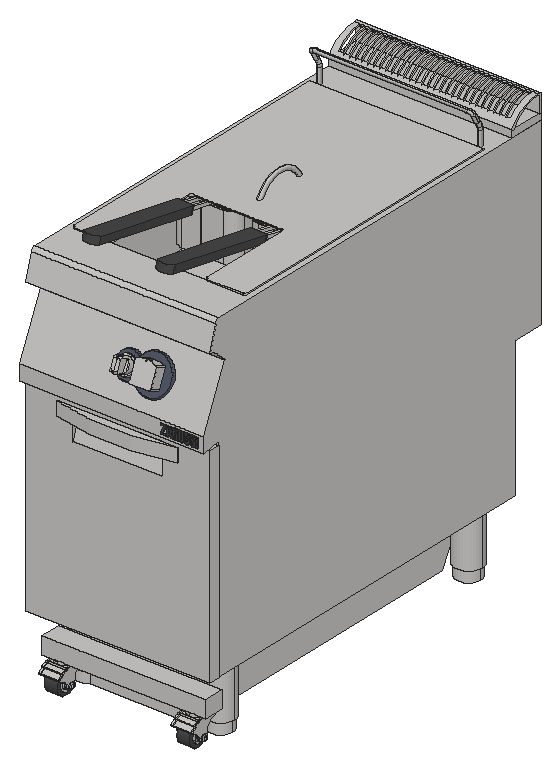
Revit family "QF_ZANUSSI_392331_Z9KKGABAMCA", category Specialty Equipment, Revit 2018
Family settings
  Round Connector Dimension = Use Diameter
  Part Type = Normal
  Work Plane-Based = No
  Always vertical = Yes
  Cut with Voids When Loaded = No
  Shared = No
  Room Calculation Point = No
Parameters
  Width = 400 mm  # constant formula
  Weight in Pounds = 86  # constant formula
  Weight = 0.00 kg
  Watts = 18000 W  # constant formula
  Volts = 400 V  # constant formula
  URL Manufacturer = "http://www.zanussiprofessional.com"
  URL Cutsheet = "www.electrolux.com/foodservice"
  URL = "http://www.zanussiprofessional.com"
  Type Mark [instance] = ""
  Steam Supply Size = 0"
  Steam Supply Minimum Pressure = 0.00 psi
  Steam Supply Maximum Pressure = 0.00 psi
  Steam Pounds per Hour = 0
  Status [instance] = ""
  Specification by User [instance] = ""
  Specification by Manufacturer = ""
  Show Logo [instance] = yes
  Show Clearance [instance] = yes
  Serial Number = ""
  Seismic Rating = ""
  SMACNA No = ""
  Revision Code [instance] = ""
  Refrigeration Suction Line Size = 0"
  Refrigeration Liquid Line Size = 0"
  Refrigerant Compressor Remote = yes
  Phase = 3
  Omniclass Number and Title = ""
  Number of Poles [instance] = 1
  NAFEM Spec ID Number = ""
  Model = "Z9KKGABAMCA"
  Min Ckt Ampacity = 0 A
  Max Overcurrent Protection = 0 A
  Masterspec = ""
  Manufacturer = "Zanussi"
  Length Actual = 400 mm  # constant formula
  Item Number [instance] = "392331"
  Installed By [instance] = ""
  Identify Quantity as Lot [instance] = yes
  Hot Water Size = 0"
  Height Actual = 850 mm  # constant formula
  Height = 851 mm  # constant formula
  HP = "0 HP"
  Gas Size = 1/2"
  Gas KW = 21
  Gas Input Pressure = 0.672036 Btu/h
  Furnished By [instance] = ""
  Foodservice Equipment Identifier [instance] = yes
  FL Amps = if(Phase = 3, Watts / (Volts * 1.73), Watts / Volts)  # 26.0116 A
  Electrical Remarks [instance] = "400 V/3N ph/50/60 Hz"  # constant formula
  Electric Connection Type [instance] = ""
  Elec Conn RI Height [instance] = 0 mm
  Elec Conn Connection Height [instance] = 0 mm
  Direct Waste Size = 0"
  Description = "23LT GAS FRYER-1 WELL+2 1/2 BASKETS"
  Depth Actual = 900 mm  # constant formula
  Depth = 915 mm  # constant formula
  Cycle [instance] = if([60 Hertz Option], 60 Hz, 50 Hz)  # 60 Hz
  Conn Plug = ""
  Conn Conduit = yes
  Condensate Return Size = 0"
  Compressed Air Volume = 0 GPM
  Compressed Air Size = 0"
  Compressed Air Pressure = 0.00 psi
  Cold Water Size = 0"
  CSI MasterFormat = ""
  CSI Master Format = ""
  Base Height [instance] = 150 mm  # constant formula
  Apparent Power = if(Phase = 3, Volts * FL Amps * 1.73, Volts * FL Amps)  # 18000 VA
  Accessory = yes
  60 Hertz Option [instance] = not([50 Hertz Option])  # yes
  50 Hertz Option [instance] = no
Reference planes
  plane 1 "BACK": y = 0
  plane 2: z = 0
  plane 3 "LEFT": x = 0
  plane 4 "RIGHT": x = 400
  plane 5 "FRONT": y = -915
  plane 6 "TOP": z = 908
  plane 7 "Center Y": x = 200
  plane 8 "Center X": y = -457.5
  plane 9 "BASE": z = 601.763
  plane 10 "TOP A": z = 851
  plane 11 "feet": z = 150
  plane 12: y = -126
  plane 13: y = -800
  plane 14: x = 344
  plane 15: x = 56
  plane 16: x = 344
  plane 17: z = 916
  plane 18: z = 931
  plane 19: y = -1273
  plane 20: x = 355
  plane 21: y = -1610
  plane 22: z = 1200
  plane 23 "PANEL": through (-6096, -858.173, 760.156) normal (0, -0.9084, 0.4181)
Forms (mm)
  Extrusion 1, solid, material "QF_Finishes_Stainless Steel"
    sketch origin (0, 0, 0) x (0, 1, 0) y (0, 0, 1)
      loop
        line (0, 850.117) -> (-874.56, 850.117)
        arc (-874.56, 850.117) -> (-880.529, 848.14) -> (-884.138, 842.99) r 10
        line (-884.138, 842.99) -> (-900, 790.117) -> (-888.134, 790.117) -> (-858.173, 760.156) -> (-915, 636.69) -> (-915, 603.553) -> (-873.773, 609.463) -> (-873.773, 150) -> (-70, 150) -> (-70, 451.763) -> (0, 451.763) -> (0, 850.117)
    from 0 to 400
  Extrusion 2, void
    sketch origin (0, 0, 851) x (-1, 0, 0) y (0, -1, 0)
      loop
        line (-33.338, 141.304) -> (-33.338, 787.143) -> (-366.662, 787.143) -> (-366.662, 141.304) -> (-33.338, 141.304)
    from 0 to -152.4
  Extrusion 3, solid, material "QF_Finishes_Stainless Steel"
    sketch origin (0, 0, 851) x (-1, 0, 0) y (0, -1, 0)
      loop
        arc (-11.548, 780.793) -> (-13.408, 785.283) -> (-17.898, 787.143) r 6.35
        line (-17.898, 787.143) -> (-90.863, 787.143)
        arc (-90.863, 787.143) -> (-95.353, 785.283) -> (-97.213, 780.793) r 6.35
        line (-97.213, 780.793) -> (-97.213, 579.046)
        arc (-97.213, 579.046) -> (-99.072, 574.555) -> (-103.563, 572.696) r 6.35
        line (-103.563, 572.696) -> (-293.937, 572.696)
        arc (-293.937, 572.696) -> (-298.428, 574.555) -> (-300.287, 579.046) r 6.35
        line (-300.287, 579.046) -> (-300.287, 780.818)
        arc (-300.287, 780.818) -> (-302.14, 785.291) -> (-306.612, 787.143) r 6.325
        line (-306.612, 787.143) -> (-382.102, 787.143)
        arc (-382.102, 787.143) -> (-386.592, 785.283) -> (-388.452, 780.793) r 6.35
        line (-388.452, 780.793) -> (-388.452, 141.304) -> (-11.548, 141.304) -> (-11.548, 780.793)
    from 0 to 2.574
  Sweep 4, solid, material "QF_Finishes_Stainless Steel"
    path origin (200, 10.469, 0) x (0, 1, 0) y (0, 0, 1)
      loop
        arc (-415.761, 851) -> (-470.2, 884.779) -> (-524.639, 851) r 60.757
    profile origin (200, -459.731, 884.779) x (0, 0, -1) y (1, 0, 0)
      loop
        circle (0, 0) r 4.353
  Extrusion 5, solid, material "QF_Clearances", visible <- "Show Clearance", detail levels coarse
    sketch origin (0, 0, 0) x (1, 0, 0) y (0, 1, 0)
      loop
        line (0, -915) -> (0, 0) -> (400, 0) -> (400, -915) -> (502.019, -915) -> (502.019, 50) -> (-102.019, 50) -> (-102.019, -915) -> (0, -915)
    from 0 to 1200
  Revolve 6, solid, material "QF_Finishes_Stainless Steel"
    sketch origin (0, -126, 608.09) x (0, 0, 1) y (-1, 0, 0)
      loop
        line (-608.09, -56) -> (-458.09, -56) -> (-458.09, -26) -> (-583.09, -26) -> (-583.09, -29.75) -> (-608.09, -29.75) -> (-608.09, -56)
      axis (-608.09, -56) -> (-458.09, -56)
    angle from 0 to 360
  Revolve 7, solid, material "QF_Finishes_Stainless Steel"
    sketch origin (400.05, -126, 608.09) x (0, 0, 1) y (-1, 0, 0)
      loop
        line (-608.09, 56.05) -> (-608.09, 29.8) -> (-583.09, 29.8) -> (-583.09, 26.05) -> (-458.09, 26.05) -> (-458.09, 56.05) -> (-608.09, 56.05)
      axis (-608.09, 56.05) -> (-458.09, 56.05)
    angle from 0 to 360
  Revolve 8, solid, material "QF_Finishes_Stainless Steel"
    sketch origin (400.05, -800, 608.09) x (0, 0, 1) y (-1, 0, 0)
      loop
        line (-608.09, 56.05) -> (-608.09, 29.8) -> (-583.09, 29.8) -> (-583.09, 26.05) -> (-458.09, 26.05) -> (-458.09, 56.05) -> (-608.09, 56.05)
      axis (-608.09, 56.05) -> (-458.09, 56.05)
    angle from 0 to 360
  Extrusion 9, solid, material "QF_Finishes_Stainless Steel"
    sketch origin (200, -0.111, 0) x (0, 1, 0) y (0, 0, 1)
      loop
        line (-76.889, 865) -> (-76.889, 851) -> (0, 851) -> (0, 865) -> (-76.889, 865)
    from -200 to 200
  Revolve 10, solid, material "QF_Finishes_Stainless Steel"
    sketch origin (0, -800, 608.09) x (0, 0, 1) y (1, 0, 0)
      loop
        line (-608.09, 56) -> (-608.09, 29.75) -> (-583.09, 29.75) -> (-583.09, 26) -> (-458.09, 26) -> (-458.09, 56) -> (-608.09, 56)
      axis (-608.09, 56) -> (-458.09, 56)
    angle from 0 to 360
  Extrusion 11, solid, material "QF_Finishes_Stainless Steel"
    sketch origin (185.958, 109.846, 107.43) x (0, 0.984808, 0.173648) y (0, -0.173648, 0.984808)
      loop
        line (-545.054, 741.794) -> (-527.127, 843.462) -> (-591.04, 868.375) -> (-593.346, 862.459) -> (-534.285, 839.437) -> (-551.308, 742.897) -> (-545.054, 741.794)
    from -80.476 to -74.619
  Extrusion 12, solid, material "QF_Finishes_Mesh"
    sketch origin (-5.005, -64.779, 844.25) x (-1, 0, 0) y (0, -1, 0)
      loop
        arc (-76.6, 120.481) -> (-58.64, 127.92) -> (-51.2, 145.881) r 25.4
        line (-51.2, 145.881) -> (-51.2, 473.61)
        arc (-51.2, 473.61) -> (-58.64, 491.571) -> (-76.6, 499.01) r 25.4
        line (-76.6, 499.01) -> (-166.875, 499.01)
        arc (-166.875, 499.01) -> (-184.836, 491.571) -> (-192.275, 473.61) r 25.4
        line (-192.275, 473.61) -> (-192.275, 145.881)
        arc (-192.275, 145.881) -> (-184.836, 127.92) -> (-166.875, 120.481) r 25.4
        line (-166.875, 120.481) -> (-76.6, 120.481)
      loop
        arc (-76.6, 123.656) -> (-60.885, 130.165) -> (-54.375, 145.881) r 22.225
        line (-54.375, 145.881) -> (-54.375, 473.61)
        arc (-54.375, 473.61) -> (-60.885, 489.326) -> (-76.6, 495.835) r 22.225
        line (-76.6, 495.835) -> (-166.875, 495.835)
        arc (-166.875, 495.835) -> (-182.591, 489.326) -> (-189.1, 473.61) r 22.225
        line (-189.1, 473.61) -> (-189.1, 145.881)
        arc (-189.1, 145.881) -> (-182.591, 130.165) -> (-166.875, 123.656) r 22.225
        line (-166.875, 123.656) -> (-76.6, 123.656)
    from -109 to -5.315
  Extrusion 13, solid, material "QF_Finishes_Black"
    sketch origin (54.033, -828.725, 906.181) x (0, 0.980628, -0.195878) y (-1, 0, 0)
      loop
        arc (-40.26, -47.345) -> (-50.487, -65.962) -> (-40.26, -84.58) r 22.059
        line (-40.26, -84.58) -> (214.638, -84.58)
        arc (214.638, -84.58) -> (217.113, -83.554) -> (218.138, -81.08) r 3.5
        line (218.138, -81.08) -> (218.138, -50.854)
        arc (218.138, -50.854) -> (217.11, -48.372) -> (214.629, -47.345) r 3.509
        line (214.629, -47.345) -> (-40.26, -47.345)
    from -15.884 to 0
  Extrusion 14, solid, material "QF_Finishes_Stainless Steel"
    sketch origin (209.153, 109.846, 107.43) x (0, 0.984808, 0.173648) y (0, -0.173648, 0.984808)
      loop
        line (-545.054, 741.794) -> (-527.127, 843.462) -> (-591.04, 868.375) -> (-593.346, 862.459) -> (-534.285, 839.437) -> (-551.308, 742.897) -> (-545.054, 741.794)
    from -80.476 to -74.619
  Extrusion 15, solid, material "QF_Finishes_Stainless Steel"
    sketch origin (214.042, 109.846, 107.43) x (0, 0.984808, 0.173648) y (0, 0.173648, -0.984808)
      loop
        line (-545.054, -741.794) -> (-551.308, -742.897) -> (-534.285, -839.437) -> (-593.346, -862.459) -> (-591.04, -868.375) -> (-527.127, -843.462) -> (-545.054, -741.794)
    from -80.476 to -74.619
  Extrusion 16, solid, material "QF_Finishes_Mesh"
    sketch origin (405.005, -64.779, 844.25) x (1, 0, 0) y (0, 1, 0)
      loop
        line (-76.6, -120.481) -> (-166.875, -120.481)
        arc (-166.875, -120.481) -> (-184.836, -127.92) -> (-192.275, -145.881) r 25.4
        line (-192.275, -145.881) -> (-192.275, -473.61)
        arc (-192.275, -473.61) -> (-184.836, -491.571) -> (-166.875, -499.01) r 25.4
        line (-166.875, -499.01) -> (-76.6, -499.01)
        arc (-76.6, -499.01) -> (-58.64, -491.571) -> (-51.2, -473.61) r 25.4
        line (-51.2, -473.61) -> (-51.2, -145.881)
        arc (-51.2, -145.881) -> (-58.64, -127.92) -> (-76.6, -120.481) r 25.4
      loop
        line (-76.6, -123.656) -> (-166.875, -123.656)
        arc (-166.875, -123.656) -> (-182.591, -130.165) -> (-189.1, -145.881) r 22.225
        line (-189.1, -145.881) -> (-189.1, -473.61)
        arc (-189.1, -473.61) -> (-182.591, -489.326) -> (-166.875, -495.835) r 22.225
        line (-166.875, -495.835) -> (-76.6, -495.835)
        arc (-76.6, -495.835) -> (-60.885, -489.326) -> (-54.375, -473.61) r 22.225
        line (-54.375, -473.61) -> (-54.375, -145.881)
        arc (-54.375, -145.881) -> (-60.885, -130.165) -> (-76.6, -123.656) r 22.225
    from -109 to -5.315
  Extrusion 17, solid, material "QF_Finishes_Stainless Steel"
    sketch origin (190.847, 109.846, 107.43) x (0, 0.984808, 0.173648) y (0, 0.173648, -0.984808)
      loop
        line (-545.054, -741.794) -> (-551.308, -742.897) -> (-534.285, -839.437) -> (-593.346, -862.459) -> (-591.04, -868.375) -> (-527.127, -843.462) -> (-545.054, -741.794)
    from -80.476 to -74.619
  Extrusion 18, solid, material "QF_Finishes_Stainless Steel"
    sketch origin (0, 0, 0) x (0, 1, 0) y (0, 0, 1)
      loop
        line (-80, 150) -> (-835.361, 150) -> (-835.361, 10) -> (-157.603, 10) -> (-80, 150)
    from 89.649 to 310.351
  Extrusion 19, solid, material "QF_Finishes_Black"
    sketch origin (345.967, -828.725, 906.181) x (0, 0.980628, -0.195878) y (-1, 0, 0)
      loop
        line (-40.26, 47.345) -> (214.629, 47.345)
        arc (214.629, 47.345) -> (217.11, 48.372) -> (218.138, 50.854) r 3.509
        line (218.138, 50.854) -> (218.138, 81.08)
        arc (218.138, 81.08) -> (217.113, 83.554) -> (214.638, 84.58) r 3.5
        line (214.638, 84.58) -> (-40.26, 84.58)
        arc (-40.26, 84.58) -> (-50.487, 65.962) -> (-40.26, 47.345) r 22.059
    from -15.884 to 0
  Extrusion 20, solid, material "QF_Clearances", visible <- "Show Clearance", detail levels coarse
    sketch origin (0, 0, 851) x (-1, 0, 0) y (0, -1, 0)
      loop
        line (-19.859, 835.361) -> (-19.859, 1610) -> (-375.922, 1610) -> (-375.922, 835.361) -> (-19.859, 835.361)
    from -841 to -701
  Extrusion 21, solid, material "QF_Finishes_Stainless Steel"
    sketch origin (0, 0, 0) x (0, 1, 0) y (0, 0, 1)
      loop
        line (-835.361, 100) -> (-880.361, 100) -> (-880.361, 63.5) -> (-835.361, 63.5) -> (-835.361, 100)
    from 19.859 to 375.922
  Extrusion 22, void
    sketch origin (0, 0, 851) x (-1, 0, 0) y (0, -1, 0)
      loop
        line (-26, 11.066) -> (-26, 66.066) -> (-36, 66.066) -> (-36, 11.066) -> (-26, 11.066)
      loop
        line (-13, 11.066) -> (-13, 66.066) -> (-23, 66.066) -> (-23, 11.066) -> (-13, 11.066)
      loop
        line (-39, 11.066) -> (-39, 66.066) -> (-49, 66.066) -> (-49, 11.066) -> (-39, 11.066)
      loop
        line (-52, 11.066) -> (-52, 66.066) -> (-62, 66.066) -> (-62, 11.066) -> (-52, 11.066)
      loop
        line (-65, 11.066) -> (-65, 66.066) -> (-75, 66.066) -> (-75, 11.066) -> (-65, 11.066)
      loop
        line (-78, 11.066) -> (-78, 66.066) -> (-88, 66.066) -> (-88, 11.066) -> (-78, 11.066)
      loop
        line (-91, 11.066) -> (-91, 66.066) -> (-101, 66.066) -> (-101, 11.066) -> (-91, 11.066)
      loop
        line (-104, 11.066) -> (-104, 66.066) -> (-114, 66.066) -> (-114, 11.066) -> (-104, 11.066)
      loop
        line (-117, 11.066) -> (-117, 66.066) -> (-127, 66.066) -> (-127, 11.066) -> (-117, 11.066)
      loop
        line (-130, 11.066) -> (-130, 66.066) -> (-140, 66.066) -> (-140, 11.066) -> (-130, 11.066)
      loop
        line (-143, 11.066) -> (-143, 66.066) -> (-153, 66.066) -> (-153, 11.066) -> (-143, 11.066)
      loop
        line (-156, 11.066) -> (-156, 66.066) -> (-166, 66.066) -> (-166, 11.066) -> (-156, 11.066)
      loop
        line (-169, 11.066) -> (-169, 66.066) -> (-179, 66.066) -> (-179, 11.066) -> (-169, 11.066)
      loop
        line (-182, 11.066) -> (-182, 66.066) -> (-192, 66.066) -> (-192, 11.066) -> (-182, 11.066)
      loop
        line (-195, 11.066) -> (-195, 66.066) -> (-205, 66.066) -> (-205, 11.066) -> (-195, 11.066)
      loop
        line (-208, 11.066) -> (-208, 66.066) -> (-218, 66.066) -> (-218, 11.066) -> (-208, 11.066)
      loop
        line (-221, 11.066) -> (-221, 66.066) -> (-231, 66.066) -> (-231, 11.066) -> (-221, 11.066)
      loop
        line (-234, 11.066) -> (-234, 66.066) -> (-244, 66.066) -> (-244, 11.066) -> (-234, 11.066)
      loop
        line (-247, 11.066) -> (-247, 66.066) -> (-257, 66.066) -> (-257, 11.066) -> (-247, 11.066)
      loop
        line (-260, 11.066) -> (-260, 66.066) -> (-270, 66.066) -> (-270, 11.066) -> (-260, 11.066)
      loop
        line (-273, 11.066) -> (-273, 66.066) -> (-283, 66.066) -> (-283, 11.066) -> (-273, 11.066)
      loop
        line (-286, 11.066) -> (-286, 66.066) -> (-296, 66.066) -> (-296, 11.066) -> (-286, 11.066)
      loop
        line (-299, 11.066) -> (-299, 66.066) -> (-309, 66.066) -> (-309, 11.066) -> (-299, 11.066)
      loop
        line (-312, 11.066) -> (-312, 66.066) -> (-322, 66.066) -> (-322, 11.066) -> (-312, 11.066)
      loop
        line (-325, 11.066) -> (-325, 66.066) -> (-335, 66.066) -> (-335, 11.066) -> (-325, 11.066)
      loop
        line (-338, 11.066) -> (-338, 66.066) -> (-348, 66.066) -> (-348, 11.066) -> (-338, 11.066)
      loop
        line (-351, 11.066) -> (-351, 66.066) -> (-361, 66.066) -> (-361, 11.066) -> (-351, 11.066)
      loop
        line (-364, 11.066) -> (-364, 66.066) -> (-374, 66.066) -> (-374, 11.066) -> (-364, 11.066)
      loop
        line (-377, 11.066) -> (-377, 66.066) -> (-387, 66.066) -> (-387, 11.066) -> (-377, 11.066)
    from 14 to 57
  Extrusion 23, solid, material "QF_Finishes_Black"
    sketch origin (0, -915, -3.664) x (1, 0, 0) y (0, 0, 1)
      loop
        spline (366.548, 633.796) -> (365.936, 634.02) -> (365.304, 634.185) -> (364.657, 634.291) -> (364.003, 634.339) -> (363.347, 634.326) -> (362.695, 634.254) -> (362.054, 634.121) -> (361.429, 633.927) -> (360.828, 633.672) -> (360.255, 633.354) -> (359.717, 632.975) -> (359.221, 632.533)
        spline (359.221, 632.533) -> (358.926, 632.07) -> (358.673, 631.573) -> (358.461, 631.048) -> (358.29, 630.502) -> (358.159, 629.941) -> (358.068, 629.374) -> (358.017, 628.807) -> (358.004, 628.246) -> (358.03, 627.7) -> (358.095, 627.175) -> (358.197, 626.678) -> (358.336, 626.216)
        line (358.336, 626.216) -> (360.358, 623.31) -> (362.506, 621.415)
        spline (362.506, 621.415) -> (362.731, 621.228) -> (362.965, 621.043) -> (363.204, 620.858) -> (363.446, 620.671) -> (363.688, 620.478) -> (363.927, 620.278) -> (364.161, 620.067) -> (364.386, 619.843) -> (364.602, 619.603) -> (364.804, 619.344) -> (364.991, 619.065) -> (365.159, 618.762)
        spline (365.159, 618.762) -> (365.19, 618.567) -> (365.218, 618.365) -> (365.24, 618.156) -> (365.252, 617.943) -> (365.253, 617.728) -> (365.238, 617.514) -> (365.204, 617.303) -> (365.149, 617.096) -> (365.07, 616.896) -> (364.963, 616.706) -> (364.825, 616.527) -> (364.653, 616.361)
        line (364.653, 616.361) -> (363.011, 616.235)
        spline (363.011, 616.235) -> (362.704, 616.445) -> (362.472, 616.691) -> (362.304, 616.967) -> (362.192, 617.269) -> (362.125, 617.59) -> (362.095, 617.925) -> (362.091, 618.267) -> (362.103, 618.612) -> (362.123, 618.953) -> (362.139, 619.285) -> (362.144, 619.602) -> (362.127, 619.899)
        line (362.127, 619.899) -> (357.705, 619.899)
        spline (357.705, 619.899) -> (357.652, 619.362) -> (357.623, 618.827) -> (357.618, 618.296) -> (357.639, 617.77) -> (357.689, 617.251) -> (357.768, 616.741) -> (357.879, 616.241) -> (358.023, 615.753) -> (358.202, 615.28) -> (358.418, 614.822) -> (358.673, 614.382) -> (358.968, 613.961)
        spline (358.968, 613.961) -> (359.331, 613.632) -> (359.722, 613.339) -> (360.139, 613.083) -> (360.578, 612.862) -> (361.036, 612.675) -> (361.511, 612.524) -> (361.998, 612.407) -> (362.496, 612.323) -> (363.001, 612.273) -> (363.51, 612.256) -> (364.019, 612.271) -> (364.527, 612.319)
        spline (364.527, 612.319) -> (365.063, 612.403) -> (365.594, 612.528) -> (366.116, 612.694) -> (366.623, 612.899) -> (367.111, 613.143) -> (367.575, 613.424) -> (368.009, 613.742) -> (368.41, 614.097) -> (368.773, 614.486) -> (369.092, 614.91) -> (369.363, 615.367) -> (369.58, 615.856)
        spline (369.58, 615.856) -> (369.715, 616.458) -> (369.803, 617.063) -> (369.845, 617.666) -> (369.842, 618.266) -> (369.796, 618.859) -> (369.707, 619.441) -> (369.575, 620.01) -> (369.403, 620.563) -> (369.189, 621.097) -> (368.937, 621.609) -> (368.646, 622.095) -> (368.317, 622.552)
        line (368.317, 622.552) -> (363.263, 627.1) -> (362.632, 627.858)
        spline (362.632, 627.858) -> (362.567, 628.019) -> (362.499, 628.183) -> (362.432, 628.352) -> (362.37, 628.523) -> (362.314, 628.695) -> (362.269, 628.869) -> (362.236, 629.042) -> (362.22, 629.215) -> (362.223, 629.386) -> (362.249, 629.554) -> (362.3, 629.719) -> (362.379, 629.879)
        spline (362.379, 629.879) -> (362.452, 630.027) -> (362.544, 630.155) -> (362.652, 630.264) -> (362.772, 630.357) -> (362.903, 630.433) -> (363.042, 630.495) -> (363.187, 630.544) -> (363.334, 630.581) -> (363.481, 630.608) -> (363.625, 630.625) -> (363.764, 630.635) -> (363.895, 630.638)
        line (363.895, 630.638) -> (365.159, 629.753) -> (365.285, 627.1) -> (369.454, 627.1)
        spline (369.454, 627.1) -> (369.459, 627.452) -> (369.47, 627.813) -> (369.486, 628.18) -> (369.501, 628.551) -> (369.512, 628.923) -> (369.517, 629.295) -> (369.511, 629.665) -> (369.491, 630.029) -> (369.454, 630.387) -> (369.395, 630.735) -> (369.312, 631.072) -> (369.201, 631.395)
        spline (369.201, 631.395) -> (369.089, 631.648) -> (368.943, 631.898) -> (368.769, 632.144) -> (368.57, 632.383) -> (368.349, 632.613) -> (368.112, 632.833) -> (367.861, 633.039) -> (367.601, 633.23) -> (367.336, 633.403) -> (367.069, 633.557) -> (366.805, 633.688) -> (366.548, 633.796)
      loop
        spline (381.709, 631.522) -> (381.36, 632.088) -> (380.949, 632.587) -> (380.485, 633.02) -> (379.973, 633.389) -> (379.42, 633.694) -> (378.834, 633.938) -> (378.222, 634.121) -> (377.591, 634.245) -> (376.947, 634.311) -> (376.298, 634.321) -> (375.651, 634.275) -> (375.013, 634.175)
        spline (375.013, 634.175) -> (374.569, 634.091) -> (374.126, 633.967) -> (373.688, 633.804) -> (373.263, 633.604) -> (372.855, 633.369) -> (372.47, 633.101) -> (372.115, 632.801) -> (371.794, 632.472) -> (371.513, 632.114) -> (371.278, 631.73) -> (371.095, 631.322) -> (370.97, 630.89)
        spline (370.97, 630.89) -> (370.775, 630.315) -> (370.633, 629.728) -> (370.544, 629.135) -> (370.507, 628.541) -> (370.523, 627.951) -> (370.591, 627.369) -> (370.712, 626.8) -> (370.886, 626.248) -> (371.112, 625.72) -> (371.391, 625.22) -> (371.723, 624.751) -> (372.107, 624.321)
        line (372.107, 624.321) -> (376.782, 620.152) -> (377.792, 618.636)
        spline (377.792, 618.636) -> (377.823, 618.444) -> (377.852, 618.248) -> (377.875, 618.049) -> (377.89, 617.849) -> (377.895, 617.65) -> (377.887, 617.451) -> (377.863, 617.255) -> (377.82, 617.063) -> (377.757, 616.877) -> (377.669, 616.697) -> (377.556, 616.524) -> (377.413, 616.361)
        line (377.413, 616.361) -> (376.15, 616.109)
        spline (376.15, 616.109) -> (375.703, 616.215) -> (375.362, 616.399) -> (375.115, 616.65) -> (374.947, 616.956) -> (374.844, 617.306) -> (374.792, 617.688) -> (374.776, 618.091) -> (374.783, 618.504) -> (374.8, 618.916) -> (374.81, 619.314) -> (374.802, 619.688) -> (374.76, 620.025)
        line (374.76, 620.025) -> (370.338, 619.899)
        spline (370.338, 619.899) -> (370.284, 619.355) -> (370.249, 618.8) -> (370.24, 618.239) -> (370.259, 617.676) -> (370.311, 617.117) -> (370.402, 616.567) -> (370.534, 616.029) -> (370.713, 615.51) -> (370.942, 615.013) -> (371.227, 614.544) -> (371.572, 614.108) -> (371.981, 613.708)
        spline (371.981, 613.708) -> (372.504, 613.327) -> (373.058, 613.002) -> (373.639, 612.735) -> (374.241, 612.525) -> (374.858, 612.37) -> (375.486, 612.271) -> (376.12, 612.228) -> (376.753, 612.239) -> (377.382, 612.305) -> (377.999, 612.425) -> (378.601, 612.598) -> (379.182, 612.824)
        spline (379.182, 612.824) -> (379.437, 612.932) -> (379.695, 613.064) -> (379.954, 613.219) -> (380.211, 613.395) -> (380.465, 613.59) -> (380.714, 613.803) -> (380.954, 614.032) -> (381.185, 614.275) -> (381.403, 614.53) -> (381.606, 614.795) -> (381.793, 615.069) -> (381.961, 615.351)
        spline (381.961, 615.351) -> (382.185, 615.958) -> (382.351, 616.578) -> (382.459, 617.206) -> (382.509, 617.84) -> (382.501, 618.476) -> (382.435, 619.109) -> (382.311, 619.738) -> (382.13, 620.357) -> (381.89, 620.965) -> (381.593, 621.556) -> (381.237, 622.129) -> (380.824, 622.678)
        line (380.824, 622.678) -> (375.518, 627.479) -> (374.886, 629.121) -> (375.392, 630.385) -> (376.529, 630.638) -> (377.792, 629.753) -> (377.919, 627.226) -> (382.214, 627.1)
        spline (382.214, 627.1) -> (382.192, 627.481) -> (382.185, 627.866) -> (382.188, 628.253) -> (382.195, 628.64) -> (382.2, 629.024) -> (382.198, 629.406) -> (382.183, 629.782) -> (382.148, 630.151) -> (382.09, 630.511) -> (382, 630.861) -> (381.875, 631.198) -> (381.709, 631.522)
      loop
        line (382.972, 612.319) -> (387.394, 612.319) -> (387.394, 633.922) -> (382.972, 633.922) -> (382.972, 612.319)
      loop
        line (349.998, 617.499) -> (349.998, 633.922) -> (345.577, 633.922) -> (345.577, 619.394) -> (345.829, 615.856) -> (346.208, 614.972) -> (347.093, 613.835) -> (347.977, 613.203) -> (349.746, 612.445) -> (350.63, 612.319) -> (352.651, 612.319) -> (353.662, 612.571) -> (355.178, 613.456) -> (356.947, 615.983) -> (357.073, 616.867) -> (357.073, 633.922) -> (352.651, 633.922) -> (352.651, 617.878) -> (352.146, 616.741) -> (350.756, 616.614) -> (349.998, 617.499)
      loop
        line (344.566, 633.922) -> (340.523, 633.922) -> (340.523, 620.152) -> (336.859, 633.922) -> (332.185, 633.922) -> (332.185, 612.319) -> (336.101, 612.319) -> (336.101, 626.595) -> (339.765, 612.319) -> (344.566, 612.319) -> (344.566, 633.922)
      loop
        line (317.656, 633.922) -> (306.665, 633.922) -> (306.665, 629.879) -> (313.688, 630.032) -> (306.16, 614.223) -> (306.16, 612.319) -> (317.656, 612.319) -> (317.656, 616.369) -> (310.842, 616.369) -> (317.656, 630.259) -> (317.656, 633.922)
      loop
        line (327.89, 633.922) -> (321.825, 633.922) -> (317.909, 612.319) -> (322.457, 612.319) -> (323.089, 616.488) -> (326.752, 616.488) -> (327.384, 612.319) -> (331.932, 612.319) -> (327.89, 633.922)
      loop
        line (323.594, 620.404) -> (326.121, 620.404) -> (324.857, 630.23) -> (323.594, 620.404)
    from 0.6 to -1
  Extrusion 24, solid, material "QF_Finishes_Stainless Steel"
    sketch origin (0, 0, 150) x (-1, 0, 0) y (0, -1, 0)
      loop
        circle (-355, 648) r 6.35
    from 0 to -15
  Sweep 25, solid, material "QF_Finishes_Stainless Steel"
    path origin (0, 0.019, -0.883) x (0, 1, 0) y (0, 0, 1)
      loop
        line (-133.218, 851) -> (-133.218, 884.76)
        arc (-133.218, 884.76) -> (-133.779, 889.022) -> (-135.424, 892.993) r 16.466
        line (-135.424, 892.993) -> (-140.718, 902.162)
    profile origin (0, -133.199, 866.997) x (0, -1, 0) y (1, 0, 0)
      loop
        circle (0.001, 25.269) r 3.999
      loop
        circle (0.001, 374.731) r 3.999
  Sweep 26, solid, material "QF_Finishes_Stainless Steel"
    path origin (0, -68.609, 776.414) x (-1, 0, 0) y (0, -0.5, 0.866025)
      loop
        line (-374.731, 144.182) -> (-374.731, 165.819)
        arc (-374.731, 165.819) -> (-372.68, 170.768) -> (-367.731, 172.819) r 7
        line (-367.731, 172.819) -> (-32.269, 172.819)
        arc (-32.269, 172.819) -> (-27.32, 170.768) -> (-25.269, 165.819) r 7
        line (-25.269, 165.819) -> (-25.269, 144.182)
    profile origin (374.731, -146.109, 910.648) x (1, 0, 0) y (0, 0.866025, 0.5)
      loop
        circle (0, 0) r 4
  Extrusion 27, solid, material "QF_Finishes_Stainless Steel"
    sketch origin (200, 0, 0) x (0, 1, 0) y (0, 0, 1)
      loop
        line (-0.111, 865) -> (-0.111, 905) -> (-5.111, 905)
        arc (-5.111, 905) -> (-46.245, 894.327) -> (-77, 865) r 84.601
        line (-77, 865) -> (-73.866, 865)
        arc (-73.866, 865) -> (-43.956, 892.877) -> (-4.342, 902.995) r 82.606
        line (-4.342, 902.995) -> (-2.111, 902.995) -> (-2.111, 865) -> (-0.111, 865)
    from 200 to -200
  Blend 28, solid, material "QF_Finishes_Navy Blue"
    base sketch origin (269.392, -886.587, 698.423) x (1, 0, 0) y (0, 0.418102, 0.9084)
      loop
        arc (-35.05, -24.037) -> (42.5, 0) -> (-35.05, 24.037) r 42.5
        arc (-35.05, 24.037) -> (-83, 0) -> (-35.05, -24.037) r 30
    top sketch origin (269.392, -886.587, 698.423) x (1, 0, 0) y (0, 0.418102, 0.9084)
      loop
        arc (-34.578, -21.086) -> (40.5, 0) -> (-34.578, 21.086) r 40.5
        arc (-34.578, 21.086) -> (-81, 0) -> (-34.578, -21.086) r 28
    from 0 to 5
  Extrusion 29, solid, material "QF_Finishes_Stainless Steel"
    sketch origin (269.392, -886.587, 698.423) x (1, 0, 0) y (0, 0.418102, 0.9084)
      loop
        circle (-55.001, -0.341) r 20
    from 5 to 10
  Revolve 30, solid, material "QF_Finishes_Stainless Steel"
    sketch origin (214.391, -886.587, 698.423) x (0, -0.418102, -0.9084) y (0, -0.9084, 0.418102)
      loop
        line (0.341, 10) -> (16.341, 10) -> (16.341, 37)
        arc (16.341, 37) -> (15.462, 39.121) -> (13.341, 40) r 3
        line (13.341, 40) -> (0.341, 40) -> (0.341, 10)
      axis (0.341, 10) -> (0.341, 40)
    angle from 0 to 360
  Extrusion 31, void
    sketch origin (269.392, -886.587, 698.423) x (1, 0, 0) y (0, -0.9084, 0.418102)
      loop
        line (-62.999, 24.837) -> (-62.999, 40) -> (-71.893, 40) -> (-71.893, 22) -> (-65.835, 22)
        arc (-65.835, 22) -> (-63.827, 22.828) -> (-62.999, 24.837) r 2.827
      loop
        arc (-47.003, 24.837) -> (-46.175, 22.828) -> (-44.167, 22) r 2.827
        line (-44.167, 22) -> (-38.109, 22) -> (-38.109, 40) -> (-47.003, 40) -> (-47.003, 24.837)
    from -20.019 to 20.019
  Extrusion 32, solid, material "QF_Finishes_Stainless Steel"
    sketch origin (269.392, -886.587, 698.423) x (1, 0, 0) y (0, 0.418102, 0.9084)
      loop
        arc (-21.147, 22.789) -> (-22.494, 21.685) -> (-23, 20.019) r 2.997
        line (-23, 20.019) -> (-23, -20.019)
        arc (-23, -20.019) -> (-22.122, -22.138) -> (-20.003, -23.016) r 2.997
        line (-20.003, -23.016) -> (20.003, -23.016)
        arc (20.003, -23.016) -> (22.122, -22.138) -> (23, -20.019) r 2.997
        line (23, -20.019) -> (23, 20.019)
        arc (23, 20.019) -> (22.494, 21.685) -> (21.147, 22.789) r 2.997
        arc (21.147, 22.789) -> (0, 26.984) -> (-21.147, 22.789) r 55.4
    from 10 to 34
  Extrusion 33, solid, material "QF_Plastic-Black-Matte"
    sketch origin (269.392, -886.587, 698.423) x (0, 0.418102, 0.9084) y (0, -0.9084, 0.418102)
      loop
        line (26.984, 34) -> (26.984, 19) -> (27.984, 19) -> (27.984, 34)
        arc (27.984, 34) -> (27.691, 34.707) -> (26.984, 35) r 1
        line (26.984, 35) -> (23.984, 35) -> (23.984, 34) -> (26.984, 34)
    from -1 to 1
  Extrusion 34, solid, material "QF_Plastic-Black-Matte"
    sketch origin (214.391, -886.587, 698.423) x (0, -0.418102, -0.9084) y (0, -0.9084, 0.418102)
      loop
        line (-10.258, 39.984) -> (-10.258, 40.984) -> (-12.874, 40.984)
        arc (-12.874, 40.984) -> (-15.536, 39.882) -> (-16.638, 37.22) r 3.764
        line (-16.638, 37.22) -> (-16.638, 25.027) -> (-15.638, 25.027) -> (-15.638, 37.22)
        arc (-15.638, 37.22) -> (-14.829, 39.175) -> (-12.874, 39.984) r 2.764
        line (-12.874, 39.984) -> (-10.258, 39.984)
    from 1 to -1
  Extrusion 35, solid, material "QF_Finishes_Stainless Steel"
    sketch origin (0, -996.867, 458.82) x (0, 0.418102, 0.9084) y (-1, 0, 0)
      loop
        line (246.264, -286.892) -> (281.264, -286.892) -> (281.264, -251.892) -> (246.264, -251.892) -> (246.264, -286.892)
    from 5 to 10
Cuts and joins
  Extrusion 2, Extrusion 22 cuts Extrusion 1
  Extrusion 22 cuts Extrusion 3
  Extrusion 22 cuts Sweep 4
  Extrusion 22 cuts Extrusion 9
  joined: Extrusion 3, Sweep 4, Extrusion 9
  Extrusion 22, Extrusion 31 cuts Extrusion 5
  Extrusion 22 cuts Extrusion 27
  Extrusion 31 cuts Revolve 30
Lines and regions (mm)
  Split face 1
    outline origin (0, -835.361, 150) x (0, 0, -1) y (1, 0, 0)
      loop
        line (139, 262.382) -> (2, 262.382) -> (2, 91.649) -> (139, 91.649) -> (139, 262.382)
  Split face 2
    outline origin (0, -835.361, 150) x (0, 0, -1) y (1, 0, 0)
      loop
        line (51.412, 139.794) -> (58.912, 124.794) -> (66.412, 139.794) -> (51.412, 139.794)
  Split face 3
    outline origin (269.392, -891.129, 700.514) x (1, 0, 0) y (0, 0.418102, 0.9084)
      loop
        circle (0, 33) r 1
  Split face 4
    outline origin (269.392, -891.129, 700.514) x (1, 0, 0) y (0, 0.418102, 0.9084)
      loop
        circle (-8.541, 31.876) r 1
  Split face 5
    outline origin (269.392, -891.129, 700.514) x (1, 0, 0) y (0, 0.418102, 0.9084)
      loop
        circle (-16.5, 28.579) r 1
  Split face 6
    outline origin (269.392, -891.129, 700.514) x (1, 0, 0) y (0, 0.418102, 0.9084)
      loop
        circle (-23.335, 23.335) r 1
  Split face 7
    outline origin (269.392, -891.129, 700.514) x (1, 0, 0) y (0, 0.418102, 0.9084)
      loop
        circle (-28.579, 16.5) r 1
  Split face 8
    outline origin (269.392, -891.129, 700.514) x (1, 0, 0) y (0, 0.418102, 0.9084)
      loop
        circle (-31.876, 8.541) r 1
  Split face 9
    outline origin (269.392, -891.129, 700.514) x (1, 0, 0) y (0, 0.418102, 0.9084)
      loop
        circle (-33, 0) r 1
  Split face 10
    outline origin (269.392, -891.129, 700.514) x (-1, 0, 0) y (0, 0.418102, 0.9084)
      loop
        circle (-8.541, 31.876) r 1
  Split face 11
    outline origin (269.392, -891.129, 700.514) x (-1, 0, 0) y (0, 0.418102, 0.9084)
      loop
        circle (-16.5, 28.579) r 1
  Split face 12
    outline origin (269.392, -891.129, 700.514) x (-1, 0, 0) y (0, 0.418102, 0.9084)
      loop
        circle (-23.335, 23.335) r 1
  Split face 13
    outline origin (269.392, -891.129, 700.514) x (-1, 0, 0) y (0, 0.418102, 0.9084)
      loop
        circle (-28.579, 16.5) r 1
  Split face 14
    outline origin (269.392, -891.129, 700.514) x (-1, 0, 0) y (0, 0.418102, 0.9084)
      loop
        circle (-31.876, 8.541) r 1
  Split face 15
    outline origin (269.392, -891.129, 700.514) x (1, 0, 0) y (0, -0.418102, -0.9084)
      loop
        circle (0, 33) r 1
  Split face 16
    outline origin (269.392, -891.129, 700.514) x (1, 0, 0) y (0, -0.418102, -0.9084)
      loop
        circle (-8.541, 31.876) r 1
  Split face 17
    outline origin (269.392, -891.129, 700.514) x (1, 0, 0) y (0, -0.418102, -0.9084)
      loop
        circle (-16.5, 28.579) r 1
  Split face 18
    outline origin (269.392, -891.129, 700.514) x (1, 0, 0) y (0, -0.418102, -0.9084)
      loop
        circle (-23.335, 23.335) r 1
  Split face 19
    outline origin (269.392, -891.129, 700.514) x (1, 0, 0) y (0, -0.418102, -0.9084)
      loop
        circle (-28.579, 16.5) r 1
  Split face 20
    outline origin (269.392, -891.129, 700.514) x (1, 0, 0) y (0, -0.418102, -0.9084)
      loop
        circle (-31.876, 8.541) r 1
  Split face 21
    outline origin (269.392, -891.129, 700.514) x (-1, 0, 0) y (0, -0.418102, -0.9084)
      loop
        circle (-8.541, 31.876) r 1
  Split face 22
    outline origin (269.392, -891.129, 700.514) x (-1, 0, 0) y (0, -0.418102, -0.9084)
      loop
        circle (-16.5, 28.579) r 1
  Split face 23
    outline origin (269.392, -891.129, 700.514) x (-1, 0, 0) y (0, -0.418102, -0.9084)
      loop
        circle (-23.335, 23.335) r 1
  Split face 24
    outline origin (269.392, -891.129, 700.514) x (-1, 0, 0) y (0, -0.418102, -0.9084)
      loop
        circle (-28.579, 16.5) r 1
  Split face 25
    outline origin (269.392, -891.129, 700.514) x (-1, 0, 0) y (0, -0.418102, -0.9084)
      loop
        circle (-31.876, 8.541) r 1
  Split face 26
    outline origin (269.392, -891.129, 700.514) x (1, 0, 0) y (0, 0.418102, 0.9084)
      loop
        circle (33, 0) r 1
  Split face 27
    outline origin (269.392, -891.129, 700.514) x (1, 0, 0) y (0, 0.418102, 0.9084)
      loop
        circle (-55.001, 22) r 1.508
  Split face 28
    outline origin (269.392, -891.129, 700.514) x (1, 0, 0) y (0, 0.418102, 0.9084)
      loop
        circle (-77.001, 0) r 1.343
  Split face 29
    outline origin (269.392, -891.129, 700.514) x (1, 0, 0) y (0, 0.418102, 0.9084)
      loop
        line (-56.273, -20.786) -> (-56.273, -25.164) -> (-53.729, -25.164) -> (-53.729, -20.786) -> (-56.273, -20.786)
  symbolic lines, style "QF_Clearances", visible <- "Show Clearance", detail levels coarse
    curve 1: line (-102.019, 50, 851) -> (-102.019, -915, 851)
    curve 2: line (502.019, 50, 851) -> (-102.019, 50, 851)
    curve 3: line (502.019, -915, 851) -> (502.019, 50, 851)
    curve 47: line (89.649, -1550, 851) -> (89.649, -915, 851)
    curve 48: line (19.859, -1610, 851) -> (375.922, -1610, 851)
    curve 49: line (310.351, -1550, 851) -> (310.351, -915, 851)
    curve 51: line (19.859, -1550, 851) -> (375.922, -1550, 851)
    curve 52: line (375.922, -1610, 851) -> (375.922, -1550, 851)
    curve 53: line (19.859, -1550, 851) -> (19.859, -1610, 851)
  symbolic lines
    curve 4: line (0, -900, 851) -> (0, 0, 851)
    curve 5: line (400, 0, 851) -> (400, -900, 851)
    curve 6: line (11.548, -141.304, 851) -> (11.548, -780.849, 851)
    curve 7: arc (11.548, -780.849, 851) -> (13.428, -785.386, 851) -> (17.965, -787.265, 851) r 6.416
    curve 8: line (17.965, -787.265, 851) -> (101.378, -787.265, 851)
    curve 9: arc (90.94, -787.265, 851) -> (95.375, -785.428, 851) -> (97.213, -780.993, 851) r 6.272
    curve 10: line (97.213, -780.993, 851) -> (97.213, -579.046, 851)
    curve 11: arc (97.213, -579.046, 851) -> (99.072, -574.555, 851) -> (103.563, -572.696, 851) r 6.35
    curve 12: line (103.563, -572.696, 851) -> (293.937, -572.696, 851)
    curve 13: arc (293.937, -572.696, 851) -> (298.428, -574.555, 851) -> (300.287, -579.046, 851) r 6.35
    curve 14: line (300.287, -579.046, 851) -> (300.287, -780.818, 851)
    curve 15: arc (300.287, -780.818, 851) -> (302.14, -785.291, 851) -> (306.613, -787.143, 851) r 6.325
    curve 16: arc (382.234, -787.143, 851) -> (386.63, -785.322, 851) -> (388.452, -780.925, 851) r 6.218
    curve 17: line (388.452, -780.925, 851) -> (388.452, -141.304, 851)
    curve 18: line (195.545, -513.12, 851) -> (195.545, -406.344, 851)
    curve 19: line (204.443, -406.344, 851) -> (204.443, -513.12, 851)
    curve 20: arc (195.545, -513.12, 851) -> (199.994, -517.569, 851) -> (204.443, -513.12, 851) r 4.449
    curve 21: arc (195.545, -406.344, 851) -> (199.994, -401.895, 851) -> (204.443, -406.344, 851) r 4.449
    curve 22: line (0, 0, 851) -> (400, 0, 851)
    curve 23: line (138.613, -787.265, 851) -> (261.387, -787.265, 851)
    curve 24: line (138.613, -871.257, 851) -> (138.613, -625.693, 851)
    curve 25: line (101.378, -625.702, 851) -> (101.378, -871.257, 851)
    curve 26: line (135.113, -622.313, 851) -> (104.887, -622.313, 851)
    curve 27: line (111.314, -572.696, 851) -> (111.314, -622.313, 851)
    curve 28: line (105.457, -622.313, 851) -> (105.457, -572.696, 851)
    curve 29: line (128.677, -622.313, 851) -> (128.677, -572.696, 851)
    curve 30: spline (104.887, -622.313, 851) -> (104.429, -622.342, 851) -> (103.979, -622.428, 851) -> (103.544, -622.571, 851) -> (103.133, -622.767, 851) -> (102.751, -623.013, 851) -> (102.406, -623.305, 851) -> (102.103, -623.639, 851) -> (101.848, -624.007, 851) -> (101.645, -624.405, 851) -> (101.498, -624.825, 851) -> (101.408, -625.26, 851) -> (101.378, -625.702, 851)
    curve 31: spline (138.613, -625.693, 851) -> (138.583, -625.252, 851) -> (138.494, -624.818, 851) -> (138.346, -624.4, 851) -> (138.144, -624.003, 851) -> (137.89, -623.635, 851) -> (137.588, -623.303, 851) -> (137.244, -623.011, 851) -> (136.863, -622.766, 851) -> (136.452, -622.57, 851) -> (136.019, -622.428, 851) -> (135.57, -622.342, 851) -> (135.113, -622.313, 851)
    curve 32: line (134.534, -572.696, 851) -> (134.534, -622.313, 851)
    curve 33: line (261.387, -871.257, 851) -> (261.387, -625.693, 851)
    curve 34: line (298.622, -625.702, 851) -> (298.622, -871.257, 851)
    curve 35: line (264.887, -622.313, 851) -> (295.113, -622.313, 851)
    curve 36: line (288.686, -572.696, 851) -> (288.686, -622.313, 851)
    curve 37: line (294.543, -622.313, 851) -> (294.543, -572.725, 851)
    curve 38: line (271.323, -622.313, 851) -> (271.323, -572.696, 851)
    curve 39: spline (295.113, -622.313, 851) -> (295.571, -622.342, 851) -> (296.021, -622.428, 851) -> (296.456, -622.571, 851) -> (296.867, -622.767, 851) -> (297.249, -623.013, 851) -> (297.594, -623.305, 851) -> (297.897, -623.639, 851) -> (298.152, -624.007, 851) -> (298.355, -624.405, 851) -> (298.502, -624.825, 851) -> (298.592, -625.26, 851) -> (298.622, -625.702, 851)
    curve 40: spline (261.387, -625.693, 851) -> (261.417, -625.252, 851) -> (261.506, -624.818, 851) -> (261.654, -624.4, 851) -> (261.856, -624.003, 851) -> (262.11, -623.635, 851) -> (262.412, -623.303, 851) -> (262.756, -623.011, 851) -> (263.137, -622.766, 851) -> (263.548, -622.57, 851) -> (263.981, -622.428, 851) -> (264.43, -622.342, 851) -> (264.887, -622.313, 851)
    curve 41: line (265.466, -572.696, 851) -> (265.466, -622.313, 851)
    curve 42: line (298.622, -787.265, 851) -> (382.234, -787.265, 851)
    curve 43: arc (101.378, -871.257, 851) -> (119.995, -881.341, 851) -> (138.613, -871.257, 851) r 22.229
    curve 44: arc (101.378, -868.146, 851) -> (119.995, -878.26, 851) -> (138.613, -868.146, 851) r 22.191
    curve 45: arc (298.622, -871.257, 851) -> (280.005, -881.341, 851) -> (261.387, -871.257, 851) r 22.229
    curve 46: arc (298.622, -868.146, 851) -> (280.005, -878.26, 851) -> (261.387, -868.146, 851) r 22.191
    curve 50: line (388.452, -141.304, 851) -> (378.73, -141.304, 851)
    curve 54: line (0, -71.89, 851) -> (400, -71.89, 851)
    curve 55: line (0, -900, 150) -> (400, -900, 150)
    curve 60: arc (21.27, -133.2, 150) -> (25.269, -129.201, 150) -> (29.268, -133.2, 150) r 3.999
    curve 61: line (21.27, -133.2, 150) -> (21.27, -151.633, 150)
    curve 62: line (31.732, -159.017, 150) -> (368.268, -159.017, 150)
    curve 63: line (29.268, -151.017, 150) -> (370.732, -151.017, 150)
    curve 64: arc (21.27, -151.633, 150) -> (21.672, -153.677, 150) -> (22.804, -155.427, 150) r 5.519
    curve 65: arc (22.804, -155.427, 150) -> (24.54, -157.017, 150) -> (26.665, -158.032, 150) r 7.98
    curve 66: arc (26.665, -158.032, 150) -> (29.155, -158.75, 150) -> (31.732, -159.017, 150) r 14.615
    curve 67: arc (378.73, -133.2, 150) -> (374.731, -129.201, 150) -> (370.732, -133.2, 150) r 3.999
    curve 68: arc (378.73, -151.633, 150) -> (378.328, -153.677, 150) -> (377.196, -155.427, 150) r 5.519
    curve 69: arc (377.196, -155.427, 150) -> (375.46, -157.017, 150) -> (373.335, -158.032, 150) r 7.98
    curve 70: arc (373.335, -158.032, 150) -> (370.845, -158.75, 150) -> (368.268, -159.017, 150) r 14.615
    curve 72: line (29.268, -141.304, 150) -> (370.732, -141.304, 150)
    curve 74: line (378.73, -133.2, 150) -> (378.73, -151.633, 150)
    curve 76: line (0, -915, 150) -> (206.306, -915, 150)
    curve 77: line (13, -11.066, 150) -> (23, -11.066, 150)
    curve 78: line (13, -66.066, 150) -> (13, -11.066, 150)
    curve 79: line (23, -66.066, 150) -> (13, -66.066, 150)
    curve 80: line (23, -11.066, 150) -> (23, -66.066, 150)
    curve 81: line (26, -11.066, 150) -> (36, -11.066, 150)
    curve 82: line (26, -66.066, 150) -> (26, -11.066, 150)
    curve 83: line (36, -66.066, 150) -> (26, -66.066, 150)
    curve 84: line (36, -11.066, 150) -> (36, -66.066, 150)
    curve 85: line (39, -11.066, 150) -> (49, -11.066, 150)
    curve 86: line (39, -66.066, 150) -> (39, -11.066, 150)
    curve 87: line (49, -66.066, 150) -> (39, -66.066, 150)
    curve 88: line (49, -11.066, 150) -> (49, -66.066, 150)
    curve 89: line (52, -11.066, 150) -> (62, -11.066, 150)
    curve 90: line (52, -66.066, 150) -> (52, -11.066, 150)
    curve 91: line (62, -66.066, 150) -> (52, -66.066, 150)
    curve 92: line (62, -11.066, 150) -> (62, -66.066, 150)
    curve 93: line (65, -11.066, 150) -> (75, -11.066, 150)
    curve 94: line (65, -66.066, 150) -> (65, -11.066, 150)
    curve 95: line (75, -66.066, 150) -> (65, -66.066, 150)
    curve 96: line (75, -11.066, 150) -> (75, -66.066, 150)
    curve 97: line (78, -11.066, 150) -> (88, -11.066, 150)
    curve 98: line (78, -66.066, 150) -> (78, -11.066, 150)
    curve 99: line (88, -66.066, 150) -> (78, -66.066, 150)
    curve 100: line (88, -11.066, 150) -> (88, -66.066, 150)
    curve 101: line (91, -11.066, 150) -> (101, -11.066, 150)
    curve 102: line (91, -66.066, 150) -> (91, -11.066, 150)
    curve 103: line (101, -66.066, 150) -> (91, -66.066, 150)
    curve 104: line (101, -11.066, 150) -> (101, -66.066, 150)
    curve 105: line (104, -11.066, 150) -> (114, -11.066, 150)
    curve 106: line (104, -66.066, 150) -> (104, -11.066, 150)
    curve 107: line (114, -66.066, 150) -> (104, -66.066, 150)
    curve 108: line (114, -11.066, 150) -> (114, -66.066, 150)
    curve 109: line (117, -11.066, 150) -> (127, -11.066, 150)
    curve 110: line (117, -66.066, 150) -> (117, -11.066, 150)
    curve 111: line (127, -66.066, 150) -> (117, -66.066, 150)
    curve 112: line (127, -11.066, 150) -> (127, -66.066, 150)
    curve 113: line (130, -11.066, 150) -> (140, -11.066, 150)
    curve 114: line (130, -66.066, 150) -> (130, -11.066, 150)
    curve 115: line (140, -66.066, 150) -> (130, -66.066, 150)
    curve 116: line (140, -11.066, 150) -> (140, -66.066, 150)
    curve 117: line (143, -11.066, 150) -> (153, -11.066, 150)
    curve 118: line (143, -66.066, 150) -> (143, -11.066, 150)
    curve 119: line (153, -66.066, 150) -> (143, -66.066, 150)
    curve 120: line (153, -11.066, 150) -> (153, -66.066, 150)
    curve 121: line (156, -11.066, 150) -> (166, -11.066, 150)
    curve 122: line (156, -66.066, 150) -> (156, -11.066, 150)
    curve 123: line (166, -66.066, 150) -> (156, -66.066, 150)
    curve 124: line (166, -11.066, 150) -> (166, -66.066, 150)
    curve 125: line (169, -11.066, 150) -> (179, -11.066, 150)
    curve 126: line (169, -66.066, 150) -> (169, -11.066, 150)
    curve 127: line (179, -66.066, 150) -> (169, -66.066, 150)
    curve 128: line (179, -11.066, 150) -> (179, -66.066, 150)
    curve 129: line (182, -11.066, 150) -> (192, -11.066, 150)
    curve 130: line (182, -66.066, 150) -> (182, -11.066, 150)
    curve 131: line (192, -66.066, 150) -> (182, -66.066, 150)
    curve 132: line (192, -11.066, 150) -> (192, -66.066, 150)
    curve 133: line (195, -11.066, 150) -> (205, -11.066, 150)
    curve 134: line (195, -66.066, 150) -> (195, -11.066, 150)
    curve 135: line (205, -66.066, 150) -> (195, -66.066, 150)
    curve 136: line (205, -11.066, 150) -> (205, -66.066, 150)
    curve 137: line (387, -11.066, 150) -> (377, -11.066, 150)
    curve 138: line (387, -66.066, 150) -> (387, -11.066, 150)
    curve 139: line (377, -66.066, 150) -> (387, -66.066, 150)
    curve 140: line (377, -11.066, 150) -> (377, -66.066, 150)
    curve 141: line (374, -11.066, 150) -> (364, -11.066, 150)
    curve 142: line (374, -66.066, 150) -> (374, -11.066, 150)
    curve 143: line (364, -66.066, 150) -> (374, -66.066, 150)
    curve 144: line (364, -11.066, 150) -> (364, -66.066, 150)
    curve 145: line (361, -11.066, 150) -> (351, -11.066, 150)
    curve 146: line (361, -66.066, 150) -> (361, -11.066, 150)
    curve 147: line (351, -66.066, 150) -> (361, -66.066, 150)
    curve 148: line (351, -11.066, 150) -> (351, -66.066, 150)
    curve 149: line (348, -11.066, 150) -> (338, -11.066, 150)
    curve 150: line (348, -66.066, 150) -> (348, -11.066, 150)
    curve 151: line (338, -66.066, 150) -> (348, -66.066, 150)
    curve 152: line (338, -11.066, 150) -> (338, -66.066, 150)
    curve 153: line (335, -11.066, 150) -> (325, -11.066, 150)
    curve 154: line (335, -66.066, 150) -> (335, -11.066, 150)
    curve 155: line (325, -66.066, 150) -> (335, -66.066, 150)
    curve 156: line (325, -11.066, 150) -> (325, -66.066, 150)
    curve 157: line (322, -11.066, 150) -> (312, -11.066, 150)
    curve 158: line (322, -66.066, 150) -> (322, -11.066, 150)
    curve 159: line (312, -66.066, 150) -> (322, -66.066, 150)
    curve 160: line (312, -11.066, 150) -> (312, -66.066, 150)
    curve 161: line (309, -11.066, 150) -> (299, -11.066, 150)
    curve 162: line (309, -66.066, 150) -> (309, -11.066, 150)
    curve 163: line (299, -66.066, 150) -> (309, -66.066, 150)
    curve 164: line (299, -11.066, 150) -> (299, -66.066, 150)
    curve 165: line (296, -11.066, 150) -> (286, -11.066, 150)
    curve 166: line (296, -66.066, 150) -> (296, -11.066, 150)
    curve 167: line (286, -66.066, 150) -> (296, -66.066, 150)
    curve 168: line (286, -11.066, 150) -> (286, -66.066, 150)
    curve 169: line (283, -11.066, 150) -> (273, -11.066, 150)
    curve 170: line (283, -66.066, 150) -> (283, -11.066, 150)
    curve 171: line (273, -66.066, 150) -> (283, -66.066, 150)
    curve 172: line (273, -11.066, 150) -> (273, -66.066, 150)
    curve 173: line (270, -11.066, 150) -> (260, -11.066, 150)
    curve 174: line (270, -66.066, 150) -> (270, -11.066, 150)
    curve 175: line (260, -66.066, 150) -> (270, -66.066, 150)
    curve 176: line (260, -11.066, 150) -> (260, -66.066, 150)
    curve 177: line (257, -11.066, 150) -> (247, -11.066, 150)
    curve 178: line (257, -66.066, 150) -> (257, -11.066, 150)
    curve 179: line (247, -66.066, 150) -> (257, -66.066, 150)
    curve 180: line (247, -11.066, 150) -> (247, -66.066, 150)
    curve 181: line (244, -11.066, 150) -> (234, -11.066, 150)
    curve 182: line (244, -66.066, 150) -> (244, -11.066, 150)
    curve 183: line (234, -66.066, 150) -> (244, -66.066, 150)
    curve 184: line (234, -11.066, 150) -> (234, -66.066, 150)
    curve 185: line (231, -11.066, 150) -> (221, -11.066, 150)
    curve 186: line (231, -66.066, 150) -> (231, -11.066, 150)
    curve 187: line (221, -66.066, 150) -> (231, -66.066, 150)
    curve 188: line (221, -11.066, 150) -> (221, -66.066, 150)
    curve 189: line (218, -11.066, 150) -> (208, -11.066, 150)
    curve 190: line (218, -66.066, 150) -> (218, -11.066, 150)
    curve 191: line (208, -66.066, 150) -> (218, -66.066, 150)
    curve 192: line (208, -11.066, 150) -> (208, -66.066, 150)
    curve 193: line (206.394, -903.297, 0) -> (206.394, -927.785, 0)
    curve 194: arc (206.394, -927.785, 0) -> (214.391, -928.786, 0) -> (222.389, -927.781, 0) r 32.384
    curve 195: line (246.392, -900, 0) -> (246.392, -925.842, 0)
    curve 196: arc (246.392, -925.842, 0) -> (246.523, -926.257, 0) -> (246.869, -926.523, 0) r 0.724
    curve 197: arc (246.869, -926.523, 0) -> (248.093, -926.969, 0) -> (249.39, -927.095, 0) r 5.184
    curve 198: arc (292.392, -925.842, 0) -> (292.261, -926.257, 0) -> (291.916, -926.523, 0) r 0.724
    curve 199: arc (291.916, -926.523, 0) -> (290.692, -926.969, 0) -> (289.395, -927.095, 0) r 5.184
    curve 200: line (249.39, -927.095, 0) -> (289.395, -927.095, 0)
    curve 201: line (292.392, -925.842, 0) -> (292.392, -900, 0)
    curve 202: line (213.391, -919.528, 0) -> (215.391, -919.528, 0)
    curve 203: line (215.391, -919.528, 0) -> (215.391, -902.365, 0)
    curve 204: line (215.391, -902.365, 0) -> (213.391, -902.365, 0)
    curve 205: line (213.391, -902.365, 0) -> (213.391, -919.528, 0)
    curve 206: arc (206.394, -915.085, 0) -> (205.593, -912.852, 0) -> (203.557, -911.636, 0) r 3.514
    curve 207: arc (203.557, -911.636, 0) -> (201.69, -910.792, 0) -> (200, -909.634, 0) r 11.616
    curve 208: arc (200, -909.634, 0) -> (198.929, -908.346, 0) -> (198.404, -906.755, 0) r 4.491
    curve 209: arc (198.404, -906.755, 0) -> (199.222, -904.629, 0) -> (200.941, -903.133, 0) r 4.722
    curve 210: arc (200.941, -903.133, 0) -> (202.199, -902.376, 0) -> (203.55, -901.799, 0) r 10.706
    curve 211: arc (203.55, -901.799, 0) -> (205.368, -901.782, 0) -> (206.371, -903.299, 0) r 1.904
    curve 213: line (222.389, -903.297, 0) -> (222.389, -927.781, 0)
    curve 214: arc (222.389, -915.085, 0) -> (223.189, -912.852, 0) -> (225.226, -911.636, 0) r 3.514
    curve 215: arc (225.226, -911.636, 0) -> (227.093, -910.792, 0) -> (228.782, -909.634, 0) r 11.616
    curve 216: arc (228.782, -909.634, 0) -> (229.853, -908.346, 0) -> (230.378, -906.755, 0) r 4.491
    curve 217: arc (230.378, -906.755, 0) -> (229.56, -904.629, 0) -> (227.842, -903.133, 0) r 4.722
    curve 218: arc (227.842, -903.133, 0) -> (226.583, -902.376, 0) -> (225.233, -901.799, 0) r 10.706
    curve 219: arc (225.233, -901.799, 0) -> (223.415, -901.782, 0) -> (222.412, -903.299, 0) r 1.904
    curve 221: arc (246.392, -909.102, 0) -> (246.63, -908.614, 0) -> (247.08, -908.312, 0) r 1.043
    curve 222: arc (247.08, -908.312, 0) -> (247.649, -908.084, 0) -> (248.246, -907.944, 0) r 4.123
    curve 223: arc (292.392, -909.102, 0) -> (292.155, -908.614, 0) -> (291.705, -908.312, 0) r 1.043
    curve 224: arc (291.705, -908.312, 0) -> (291.136, -908.084, 0) -> (290.539, -907.944, 0) r 4.123
    curve 225: arc (270.392, -906.194, 0) -> (280.5, -906.672, 0) -> (290.539, -907.944, 0) r 128.363
    curve 226: line (268.392, -907.444, 0) -> (270.392, -907.444, 0)
    curve 230: arc (268.392, -906.194, 0) -> (258.284, -906.672, 0) -> (248.246, -907.944, 0) r 128.363
    curve 231: arc (129.721, -915, 0) -> (167.952, -919.159, 0) -> (206.394, -920.249, 0) r 480.772
    curve 232: arc (222.389, -919.796, 0) -> (234.414, -919.122, 0) -> (246.392, -917.858, 0) r 245.172
    curve 233: line (400, -915, 0) -> (292.392, -915, 0)
    curve 234: line (246.392, -915, 0) -> (222.389, -915, 0)
  symbolic lines, style "QF_Clearances", detail levels coarse
    curve 56: line (-102.019, -915, 150) -> (0, -915, 150)
    curve 58: line (502.019, -915, 150) -> (400, -915, 150)
  symbolic lines, style "SpecialityEquipment"
    curve 57: line (0, -915, 150) -> (0, -900, 150)
    curve 59: line (400, -915, 150) -> (400, -900, 150)
    curve 227: line (270.392, -908.353, 0) -> (270.392, -900, 0)
    curve 228: line (268.392, -900, 0) -> (268.392, -908.353, 0)
    curve 229: line (268.392, -908.353, 0) -> (270.392, -908.353, 0)
  model lines
    curve 71: line (11.548, -141.304, 150) -> (21.27, -141.304, 150)
    curve 73: line (29.268, -133.2, 150) -> (29.268, -151.017, 150)
    curve 75: line (370.732, -133.2, 150) -> (370.732, -151.017, 150)
    curve 212: line (198.404, -906.755, 0) -> (198.404, -900, 0)
    curve 220: line (230.378, -906.755, 0) -> (230.378, -900, 0)
Dimensions and locks
  equal spacing: plane 3 "LEFT", plane 7 "Center Y", plane 4 "RIGHT"
  "Width": plane 3 "LEFT" to plane 4 "RIGHT"
  equal spacing: plane 5 "FRONT", plane 8 "Center X", plane 1 "BACK"
  "Depth": plane 5 "FRONT" to plane 1 "BACK"
  plane 1 "BACK" to plane 5 "FRONT" = 915 mm
  "Base Height": plane 11 "feet" to level
  plane 1 "BACK" to plane 12 = 126 mm
  plane 12 to plane 13 = 674 mm
  plane 4 "RIGHT" to plane 14 = 56 mm
  plane 16 to plane 15 = 288 mm
  plane 15 to plane 3 "LEFT" = 56 mm
  plane 17 to plane 10 "TOP A" = 65 mm
  plane 10 "TOP A" to plane 18 = 80 mm
  plane 5 "FRONT" to plane 1 "BACK" = 915 mm
  plane 4 "RIGHT" to plane 3 "LEFT" = 400 mm
  plane 5 "FRONT" to plane 19 = 358 mm
  plane 1 "BACK" to curve 2 = 50 mm
  plane 4 "RIGHT" to curve 3 = 102.019 mm
  curve 1 to plane 3 "LEFT" = 102.019 mm
  "Height": plane 10 "TOP A" to level
  plane 10 "TOP A" to plane 11 "feet" = 701 mm
  plane 10 "TOP A" to plane 11 "feet" to level = 701 mm, 150 mm
  plane 20 to plane 4 "RIGHT" = 45 mm  (x2)
  Extrusion 5 to Extrusion 18 = 10 mm
  plane 5 "FRONT" to plane 21 = 695 mm
  plane 11 "feet" to cut or joined group of Extrusion 3, Sweep 4, Extrusion 9, Extrusion 22 = 715 mm
  plane 22 to cut or joined group of Extrusion 3, Sweep 4, Extrusion 9, Extrusion 22 = 335 mm
  plane 22 to level = 1200 mm
  Extrusion 22 to plane 1 "BACK" = 66.066 mm
  aligned and locked: level to plane 2
  aligned and locked: plane 4 "RIGHT" to Extrusion 1
  aligned and locked: plane 13 to Revolve 8
  aligned and locked: plane 12 to Revolve 6
  aligned and locked: plane 12 to Revolve 7
  aligned and locked: plane 4 "RIGHT" to Extrusion 9
  aligned and locked: plane 13 to Revolve 10
Automatic sketch dimensions
  Extrusion 1 sketch curve to plane 5 "FRONT" = 0 mm
  Extrusion 1 sketch curve to plane 11 "feet" = 0 mm
  Extrusion 1 sketch curve to plane 23 "PANEL" = 0 mm  (x2)
  Extrusion 1 sketch curve to plane 1 "BACK" = 0 mm
  Extrusion 1 sketch curve to plane 5 "FRONT" = 15 mm
  Extrusion 1 sketch curve to Extrusion 1 sketch curve = 11.866 mm
  Extrusion 1 sketch curve to plane 10 "TOP A" = 8.01 mm
  Extrusion 1 sketch curve to plane 5 "FRONT" = 30.862 mm
  Extrusion 1 sketch curve to Extrusion 1 sketch curve = 9.578 mm
  plane 9 "BASE" to Extrusion 1 sketch curve = 7.7 mm
  Extrusion 1 sketch curve to plane 5 "FRONT" = 41.227 mm
  Extrusion 1 sketch curve to Extrusion 1 sketch curve = 29.961 mm  (x2)
  Extrusion 1 sketch curve to plane 12 = 56 mm
  Extrusion 1 sketch curve to plane 9 "BASE" = 150 mm
  plane 9 "BASE" to Extrusion 1 sketch curve = 1.79 mm
  Extrusion 1 sketch curve to Extrusion 1 sketch curve = 2.873 mm
  Extrusion 2 sketch curve to plane 20 = 11.663 mm
  Extrusion 2 sketch curve to plane 15 = 22.662 mm
  plane 12 to Extrusion 2 sketch curve = 15.304 mm
  Extrusion 2 sketch curve to plane 13 = 12.857 mm
  Sweep 4 sketch curve to plane 10 "TOP A" = 0 mm  (x2)
